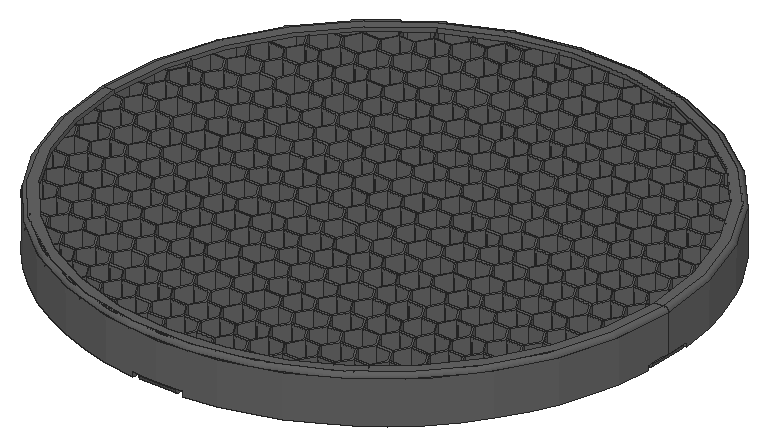
Revit family "STH20926", category Modelos genéricos, Revit 2023
Family settings
  Pode hospedar o vergalhão = Não
  Cota do conector redondo = Utilizar diâmetro
  Tipo de parte = Normal
  Com base no plano de trabalho = Não
  Sempre na vertical = Sim
  Corte com vazios quando carregada = Não
  Manter orientação da anotação = Não
  Compartilhado = Não
  Ponto de cálculo do ambiente = Não
Parameters (values of type "STH20926")
  URL = "https://stella.com.br/"
  Referência = "STH20926"
  Modelo = "Kit Grade"
  Fabricante = "Stella"
  Estrutura = Al - Preto
  Elevação padrão = 0.00 m
  Diâmetro = 0.092 m
  Comentários de tipos = "Para Square PAR30"
  Altura = 0.0075 m
Reference planes (m)
  plane 1 "Centro (Frente/Trás)": y = 0
  plane 2: z = 0
  plane 3 "Centro (Esquerda/Direita)": x = 0
  plane 4: x = 0.046
  plane 5: x = -0.046
  plane 6: y = 0.046
  plane 7: y = -0.046
  plane 8: z = 0.0075
Forms (m)
  Revolve 1, solid, material "Al - Preto" <- "Estrutura"
    sketch origin (0, 0, 0) x (1, 0, 0) y (0, 0, 1)
      loop
        arc (-0.04555, 0.00755) -> (-0.046045, 0.007345) -> (-0.04625, 0.00685) r 0.0007
        line (-0.04625, 0.00685) -> (-0.04625, 0) -> (-0.04405, 0) -> (-0.04405, 0.00755) -> (-0.04555, 0.00755)
      axis (0, 0.00755) -> (0, 0)
    angle from 0 to 360
  Revolve 2, void
    sketch origin (0, 0, 0) x (1, 0, 0) y (0, 0, 1)
      loop
        line (-0.04565, 0) -> (-0.04365, 0) -> (-0.04365, 0.00695) -> (-0.04565, 0.00695) -> (-0.04565, 0)
      axis (0, 0.00695) -> (0, 0)
    angle from 0 to 360
  Extrusion 3, void
    sketch origin (-0.120822, 0, 0) x (1, 0, 0) y (0, 1, 0)
      loop
        line (0.116822, 0.048177) -> (0.116822, -0.048177) -> (0.124822, -0.048177) -> (0.124822, 0.048177) -> (0.116822, 0.048177)
    from 0 to 0.0008
  Extrusion 4, void
    sketch origin (0, 0.120822, 0) x (0, -1, 0) y (1, 0, 0)
      loop
        line (0.116822, 0.048177) -> (0.116822, -0.048177) -> (0.124822, -0.048177) -> (0.124822, 0.048177) -> (0.116822, 0.048177)
    from 0 to 0.000802
  Revolve 5, solid, material "Al - Preto" <- "Estrutura"
    sketch origin (0, 0, 0) x (1, 0, 0) y (0, 0, 1)
      loop
        line (-0.042658, 0) -> (-0.042658, 0.000802) -> (-0.04545, 0.000802) -> (-0.04545, 0.001602) -> (-0.04625, 0.001602) -> (-0.04625, 0.0006)
        arc (-0.04625, 0.0006) -> (-0.046074, 0.000176) -> (-0.04565, 0) r 0.0006
        line (-0.04565, 0) -> (-0.042658, 0)
      axis (0, 0.001602) -> (0, 0)
    angle from -6.45 to 6.446
  Extrusion 6, void
    sketch origin (0, 0, 0) x (1, 0, 0) y (0, 1, 0)
      loop
        arc (-0.042813, 0.001954) -> (-0.042858, 0) -> (-0.042813, -0.001954) r 0.042658
        arc (-0.042813, -0.001954) -> (-0.043089, -0.002691) -> (-0.043812, -0.003) r 0.001
        line (-0.043812, -0.003) -> (-0.0468, -0.003) -> (-0.0468, -0.0468) -> (-0.003, -0.0468) -> (-0.003, -0.043812)
        arc (-0.003, -0.043812) -> (-0.002691, -0.043089) -> (-0.001954, -0.042813) r 0.001
        arc (-0.001954, -0.042813) -> (0, -0.042858) -> (0.001954, -0.042813) r 0.042658
        arc (0.001954, -0.042813) -> (0.002691, -0.043089) -> (0.003, -0.043812) r 0.001
        line (0.003, -0.043812) -> (0.003, -0.0468) -> (0.0468, -0.0468) -> (0.0468, -0.003) -> (0.043812, -0.003)
        arc (0.043812, -0.003) -> (0.043089, -0.002691) -> (0.042813, -0.001954) r 0.001
        arc (0.042813, -0.001954) -> (0.042858, 0) -> (0.042813, 0.001954) r 0.042658
        arc (0.042813, 0.001954) -> (0.043089, 0.002691) -> (0.043812, 0.003) r 0.001
        line (0.043812, 0.003) -> (0.0468, 0.003) -> (0.0468, 0.0468) -> (0.003, 0.0468) -> (0.003, 0.043812)
        arc (0.003, 0.043812) -> (0.002691, 0.043089) -> (0.001954, 0.042813) r 0.001
        arc (0.001954, 0.042813) -> (0, 0.042858) -> (-0.001954, 0.042813) r 0.042658
        arc (-0.001954, 0.042813) -> (-0.002691, 0.043089) -> (-0.003, 0.043812) r 0.001
        line (-0.003, 0.043812) -> (-0.003, 0.0468) -> (-0.0468, 0.0468) -> (-0.0468, 0.003) -> (-0.043812, 0.003)
        arc (-0.043812, 0.003) -> (-0.043089, 0.002691) -> (-0.042813, 0.001954) r 0.001
    from -0.000357 to 0.003196
  Revolve 7, void
    sketch origin (0, 0, 0) x (1, 0, 0) y (0, 0, 1)
      loop
        line (-0.046551, 0.000802) -> (-0.041781, 0.000802) -> (-0.041781, 0.002495) -> (-0.046551, 0.002495) -> (-0.046551, 0.000802)
      axis (0, 0.002495) -> (0, 0.000802)
    angle from 0 to 360
  Revolve 8, solid, material "Al - Preto" <- "Estrutura"
    sketch origin (0, 0, 0) x (-1, 0, 0) y (0, 0, -1)
      loop
        line (-0.042658, 0) -> (-0.04565, 0)
        arc (-0.04565, 0) -> (-0.046074, -0.000176) -> (-0.04625, -0.0006) r 0.0006
        line (-0.04625, -0.0006) -> (-0.04625, -0.001602) -> (-0.04545, -0.001602) -> (-0.04545, -0.000802) -> (-0.042658, -0.000802) -> (-0.042658, 0)
      axis (0, -0.001602) -> (0, 0)
    angle from -6.45 to 6.446
  Revolve 9, solid, material "Al - Preto" <- "Estrutura"
    sketch origin (0, 0, 0) x (0, -1, 0) y (0, 0, 1)
      loop
        line (-0.042658, 0) -> (-0.042658, 0.000802) -> (-0.04545, 0.000802) -> (-0.04545, 0.001602) -> (-0.04625, 0.001602) -> (-0.04625, 0.0006)
        arc (-0.04625, 0.0006) -> (-0.046074, 0.000176) -> (-0.04565, 0) r 0.0006
        line (-0.04565, 0) -> (-0.042658, 0)
      axis (0, 0.001602) -> (0, 0)
    angle from -6.45 to 6.446
  Revolve 10, solid, material "Al - Preto" <- "Estrutura"
    sketch origin (0, 0, 0) x (0, 1, 0) y (0, 0, -1)
      loop
        line (-0.042658, 0) -> (-0.04565, 0)
        arc (-0.04565, 0) -> (-0.046074, -0.000176) -> (-0.04625, -0.0006) r 0.0006
        line (-0.04625, -0.0006) -> (-0.04625, -0.001602) -> (-0.04545, -0.001602) -> (-0.04545, -0.000802) -> (-0.042658, -0.000802) -> (-0.042658, 0)
      axis (0, -0.001602) -> (0, 0)
    angle from -6.45 to 6.446
  Extrusion 11, solid, material "Al - Preto" <- "Estrutura"
    sketch origin (0, 0, 0) x (1, 0, 0) y (0, 1, 0)
      loop
        line (-0.046, 0.046) -> (-0.046, -0.046) -> (0.046, -0.046) -> (0.046, 0.046) -> (-0.046, 0.046)
    from 0.0006 to 0.00695
  Extrusion 12, void
    sketch origin (0, 0, 0) x (1, 0, 0) y (0, 1, 0)
      loop
        circle (0, 0) r 0.0455
      loop
        line (-0.046, 0.046) -> (-0.046, -0.046) -> (0.046, -0.046) -> (0.046, 0.046) -> (-0.046, 0.046)
    from 0 to 0.0075
  Extrusion 13, void
    sketch origin (0, 0, 0) x (1, 0, 0) y (0, 1, 0)
      loop
        line (-0.001247, 0.00215) -> (-0.002488, 0) -> (-0.001247, -0.00215) -> (0.001236, -0.00215) -> (0.002477, 0) -> (0.001236, 0.00215) -> (-0.001247, 0.00215)
      loop
        line (-0.001391, 0.0023) -> (-0.002633, 0.00445) -> (-0.005352, 0.00445) -> (-0.006593, 0.0023) -> (-0.005352, 0.00015) -> (-0.002633, 0.00015) -> (-0.001391, 0.0023)
      loop
        line (-0.001247, 0.00675) -> (-0.002488, 0.0046) -> (-0.001247, 0.00245) -> (0.001236, 0.00245) -> (0.002477, 0.0046) -> (0.001236, 0.00675) -> (-0.001247, 0.00675)
      loop
        line (-0.00922, 0.00215) -> (-0.010462, 0) -> (-0.00922, -0.00215) -> (-0.006738, -0.00215) -> (-0.005496, 0) -> (-0.006738, 0.00215) -> (-0.00922, 0.00215)
      loop
        line (-0.009365, 0.0023) -> (-0.010606, 0.00445) -> (-0.013331, 0.00445) -> (-0.014572, 0.0023) -> (-0.013331, 0.00015) -> (-0.010606, 0.00015) -> (-0.009365, 0.0023)
      loop
        line (-0.00922, 0.00675) -> (-0.010462, 0.0046) -> (-0.00922, 0.00245) -> (-0.006738, 0.00245) -> (-0.005496, 0.0046) -> (-0.006738, 0.00675) -> (-0.00922, 0.00675)
      loop
        line (-0.009365, -0.0023) -> (-0.010606, -0.00015) -> (-0.013331, -0.00015) -> (-0.014572, -0.0023) -> (-0.013331, -0.00445) -> (-0.010606, -0.00445) -> (-0.009365, -0.0023)
      loop
        line (-0.009365, -0.0069) -> (-0.010606, -0.00475) -> (-0.013331, -0.00475) -> (-0.014572, -0.0069) -> (-0.013331, -0.00905) -> (-0.010606, -0.00905) -> (-0.009365, -0.0069)
      loop
        line (-0.009365, 0.0069) -> (-0.010606, 0.00905) -> (-0.013331, 0.00905) -> (-0.014572, 0.0069) -> (-0.013331, 0.00475) -> (-0.010606, 0.00475) -> (-0.009365, 0.0069)
      loop
        line (-0.00922, -0.00245) -> (-0.010462, -0.0046) -> (-0.00922, -0.00675) -> (-0.006738, -0.00675) -> (-0.005496, -0.0046) -> (-0.006738, -0.00245) -> (-0.00922, -0.00245)
      loop
        line (-0.00922, -0.00705) -> (-0.010462, -0.0092) -> (-0.00922, -0.01135) -> (-0.006738, -0.01135) -> (-0.005496, -0.0092) -> (-0.006738, -0.00705) -> (-0.00922, -0.00705)
      loop
        line (-0.006593, -0.0023) -> (-0.005352, -0.00445) -> (-0.002627, -0.00445) -> (-0.001386, -0.0023) -> (-0.002627, -0.00015) -> (-0.005352, -0.00015) -> (-0.006593, -0.0023)
      loop
        line (-0.006593, -0.0069) -> (-0.005352, -0.00905) -> (-0.002627, -0.00905) -> (-0.001386, -0.0069) -> (-0.002627, -0.00475) -> (-0.005352, -0.00475) -> (-0.006593, -0.0069)
      loop
        line (-0.006593, 0.0069) -> (-0.005352, 0.00475) -> (-0.002627, 0.00475) -> (-0.001386, 0.0069) -> (-0.002627, 0.00905) -> (-0.005352, 0.00905) -> (-0.006593, 0.0069)
      loop
        line (-0.006593, 0.0115) -> (-0.005352, 0.00935) -> (-0.002627, 0.00935) -> (-0.001386, 0.0115) -> (-0.002627, 0.01365) -> (-0.005352, 0.01365) -> (-0.006593, 0.0115)
      loop
        line (-0.00922, 0.00705) -> (-0.006738, 0.00705) -> (-0.005496, 0.0092) -> (-0.006738, 0.01135) -> (-0.00922, 0.01135) -> (-0.010462, 0.0092) -> (-0.00922, 0.00705)
      loop
        line (0.00138, 0.0023) -> (0.002621, 0.00015) -> (0.00534, 0.00015) -> (0.006582, 0.0023) -> (0.00534, 0.00445) -> (0.002621, 0.00445) -> (0.00138, 0.0023)
      loop
        line (0.009209, 0.00215) -> (0.006726, 0.00215) -> (0.005485, 0) -> (0.006726, -0.00215) -> (0.009209, -0.00215) -> (0.01045, 0) -> (0.009209, 0.00215)
      loop
        line (0.009353, 0.0023) -> (0.010594, 0.00015) -> (0.013319, 0.00015) -> (0.014561, 0.0023) -> (0.013319, 0.00445) -> (0.010594, 0.00445) -> (0.009353, 0.0023)
      loop
        line (0.009209, 0.00675) -> (0.006726, 0.00675) -> (0.005485, 0.0046) -> (0.006726, 0.00245) -> (0.009209, 0.00245) -> (0.01045, 0.0046) -> (0.009209, 0.00675)
      loop
        line (0.009353, -0.0023) -> (0.010594, -0.00445) -> (0.013319, -0.00445) -> (0.014561, -0.0023) -> (0.013319, -0.00015) -> (0.010594, -0.00015) -> (0.009353, -0.0023)
      loop
        line (0.009353, -0.0069) -> (0.010594, -0.00905) -> (0.013319, -0.00905) -> (0.014561, -0.0069) -> (0.013319, -0.00475) -> (0.010594, -0.00475) -> (0.009353, -0.0069)
      loop
        line (0.009353, 0.0069) -> (0.010594, 0.00475) -> (0.013319, 0.00475) -> (0.014561, 0.0069) -> (0.013319, 0.00905) -> (0.010594, 0.00905) -> (0.009353, 0.0069)
      loop
        line (0.009209, -0.00245) -> (0.006726, -0.00245) -> (0.005485, -0.0046) -> (0.006726, -0.00675) -> (0.009209, -0.00675) -> (0.01045, -0.0046) -> (0.009209, -0.00245)
      loop
        line (0.009209, -0.00705) -> (0.006726, -0.00705) -> (0.005485, -0.0092) -> (0.006726, -0.01135) -> (0.009209, -0.01135) -> (0.01045, -0.0092) -> (0.009209, -0.00705)
      loop
        line (0.006582, -0.0023) -> (0.00534, -0.00015) -> (0.002615, -0.00015) -> (0.001374, -0.0023) -> (0.002615, -0.00445) -> (0.00534, -0.00445) -> (0.006582, -0.0023)
      loop
        line (0.006582, -0.0069) -> (0.00534, -0.00475) -> (0.002615, -0.00475) -> (0.001374, -0.0069) -> (0.002615, -0.00905) -> (0.00534, -0.00905) -> (0.006582, -0.0069)
      loop
        line (0.006582, 0.0069) -> (0.00534, 0.00905) -> (0.002615, 0.00905) -> (0.001374, 0.0069) -> (0.002615, 0.00475) -> (0.00534, 0.00475) -> (0.006582, 0.0069)
      loop
        line (0.006582, 0.0115) -> (0.00534, 0.01365) -> (0.002615, 0.01365) -> (0.001374, 0.0115) -> (0.002615, 0.00935) -> (0.00534, 0.00935) -> (0.006582, 0.0115)
      loop
        line (0.009209, 0.00705) -> (0.01045, 0.0092) -> (0.009209, 0.01135) -> (0.006726, 0.01135) -> (0.005485, 0.0092) -> (0.006726, 0.00705) -> (0.009209, 0.00705)
      loop
        line (0.001241, -0.00245) -> (-0.001241, -0.00245) -> (-0.002483, -0.0046) -> (-0.001241, -0.00675) -> (0.001241, -0.00675) -> (0.002483, -0.0046) -> (0.001241, -0.00245)
      loop
        line (0.001241, -0.00705) -> (-0.001241, -0.00705) -> (-0.002483, -0.0092) -> (-0.001241, -0.01135) -> (0.001241, -0.01135) -> (0.002483, -0.0092) -> (0.001241, -0.00705)
      loop
        line (0.001241, 0.00705) -> (0.002483, 0.0092) -> (0.001241, 0.01135) -> (-0.001241, 0.01135) -> (-0.002483, 0.0092) -> (-0.001241, 0.00705) -> (0.001241, 0.00705)
      loop
        line (0.014705, 0.00705) -> (0.017188, 0.00705) -> (0.018429, 0.0092) -> (0.017188, 0.01135) -> (0.014705, 0.01135) -> (0.013464, 0.0092) -> (0.014705, 0.00705)
      loop
        line (0.014705, 0.00675) -> (0.013464, 0.0046) -> (0.014705, 0.00245) -> (0.017188, 0.00245) -> (0.018429, 0.0046) -> (0.017188, 0.00675) -> (0.014705, 0.00675)
      loop
        line (0.009353, 0.0115) -> (0.010594, 0.00935) -> (0.013319, 0.00935) -> (0.014561, 0.0115) -> (0.013319, 0.01365) -> (0.010594, 0.01365) -> (0.009353, 0.0115)
      loop
        line (-0.014717, 0.00705) -> (-0.013475, 0.0092) -> (-0.014717, 0.01135) -> (-0.017199, 0.01135) -> (-0.018441, 0.0092) -> (-0.017199, 0.00705) -> (-0.014717, 0.00705)
      loop
        line (-0.014717, 0.00675) -> (-0.017199, 0.00675) -> (-0.018441, 0.0046) -> (-0.017199, 0.00245) -> (-0.014717, 0.00245) -> (-0.013475, 0.0046) -> (-0.014717, 0.00675)
      loop
        line (-0.009365, 0.0115) -> (-0.010606, 0.01365) -> (-0.013331, 0.01365) -> (-0.014572, 0.0115) -> (-0.013331, 0.00935) -> (-0.010606, 0.00935) -> (-0.009365, 0.0115)
      loop
        line (0.014705, -0.00675) -> (0.017188, -0.00675) -> (0.018429, -0.0046) -> (0.017188, -0.00245) -> (0.014705, -0.00245) -> (0.013464, -0.0046) -> (0.014705, -0.00675)
      loop
        line (-0.014717, -0.00675) -> (-0.013475, -0.0046) -> (-0.014717, -0.00245) -> (-0.017199, -0.00245) -> (-0.018441, -0.0046) -> (-0.017199, -0.00675) -> (-0.014717, -0.00675)
      loop
        line (-0.014717, -0.00705) -> (-0.017199, -0.00705) -> (-0.018441, -0.0092) -> (-0.017199, -0.01135) -> (-0.014717, -0.01135) -> (-0.013475, -0.0092) -> (-0.014717, -0.00705)
      loop
        line (0.009353, -0.0115) -> (0.010594, -0.01365) -> (0.013319, -0.01365) -> (0.014561, -0.0115) -> (0.013319, -0.00935) -> (0.010594, -0.00935) -> (0.009353, -0.0115)
      loop
        line (-0.009365, -0.0115) -> (-0.010606, -0.00935) -> (-0.013331, -0.00935) -> (-0.014572, -0.0115) -> (-0.013331, -0.01365) -> (-0.010606, -0.01365) -> (-0.009365, -0.0115)
      loop
        line (0.009209, -0.01595) -> (0.01045, -0.0138) -> (0.009209, -0.01165) -> (0.006726, -0.01165) -> (0.005485, -0.0138) -> (0.006726, -0.01595) -> (0.009209, -0.01595)
      loop
        line (0.009209, -0.02055) -> (0.01045, -0.0184) -> (0.009209, -0.01625) -> (0.006726, -0.01625) -> (0.005485, -0.0184) -> (0.006726, -0.02055) -> (0.009209, -0.02055)
      loop
        line (0.009209, -0.02515) -> (0.01045, -0.023) -> (0.009209, -0.02085) -> (0.006726, -0.02085) -> (0.005485, -0.023) -> (0.006726, -0.02515) -> (0.009209, -0.02515)
      loop
        line (0.006582, -0.0115) -> (0.00534, -0.00935) -> (0.002615, -0.00935) -> (0.001374, -0.0115) -> (0.002615, -0.01365) -> (0.00534, -0.01365) -> (0.006582, -0.0115)
      loop
        line (0.006582, -0.0161) -> (0.00534, -0.01395) -> (0.002615, -0.01395) -> (0.001374, -0.0161) -> (0.002615, -0.01825) -> (0.00534, -0.01825) -> (0.006582, -0.0161)
      loop
        line (0.001241, -0.01165) -> (-0.001241, -0.01165) -> (-0.002483, -0.0138) -> (-0.001241, -0.01595) -> (0.001241, -0.01595) -> (0.002483, -0.0138) -> (0.001241, -0.01165)
      loop
        line (0.001241, -0.01625) -> (-0.001241, -0.01625) -> (-0.002483, -0.0184) -> (-0.001241, -0.02055) -> (0.001241, -0.02055) -> (0.002483, -0.0184) -> (0.001241, -0.01625)
      loop
        line (0.001241, -0.02085) -> (-0.001241, -0.02085) -> (-0.002483, -0.023) -> (-0.001241, -0.02515) -> (0.001241, -0.02515) -> (0.002483, -0.023) -> (0.001241, -0.02085)
      loop
        line (0.001241, -0.02545) -> (-0.001241, -0.02545) -> (-0.002483, -0.0276) -> (-0.001241, -0.02975) -> (0.001241, -0.02975) -> (0.002483, -0.0276) -> (0.001241, -0.02545)
      loop
        line (0.006582, -0.0207) -> (0.00534, -0.01855) -> (0.002615, -0.01855) -> (0.001374, -0.0207) -> (0.002615, -0.02285) -> (0.00534, -0.02285) -> (0.006582, -0.0207)
      loop
        line (0.006582, -0.0253) -> (0.00534, -0.02315) -> (0.002615, -0.02315) -> (0.001374, -0.0253) -> (0.002615, -0.02745) -> (0.00534, -0.02745) -> (0.006582, -0.0253)
      loop
        line (0.006582, -0.0299) -> (0.00534, -0.02775) -> (0.002615, -0.02775) -> (0.001374, -0.0299) -> (0.002615, -0.03205) -> (0.00534, -0.03205) -> (0.006582, -0.0299)
      loop
        line (0.006582, -0.0345) -> (0.00534, -0.03235) -> (0.002615, -0.03235) -> (0.001374, -0.0345) -> (0.002615, -0.03665) -> (0.00534, -0.03665) -> (0.006582, -0.0345)
      loop
        line (0.006582, -0.0391) -> (0.00534, -0.03695) -> (0.002615, -0.03695) -> (0.001374, -0.0391) -> (0.002615, -0.04125) -> (0.00534, -0.04125) -> (0.006582, -0.0391)
      loop
        line (0.006582, -0.0437) -> (0.00534, -0.04155) -> (0.002615, -0.04155) -> (0.001374, -0.0437) -> (0.002615, -0.04585) -> (0.00534, -0.04585) -> (0.006582, -0.0437)
      loop
        line (0.006582, -0.0483) -> (0.00534, -0.04615) -> (0.002615, -0.04615) -> (0.001374, -0.0483) -> (0.002615, -0.05045) -> (0.00534, -0.05045) -> (0.006582, -0.0483)
      loop
        line (0.001241, -0.03005) -> (-0.001241, -0.03005) -> (-0.002483, -0.0322) -> (-0.001241, -0.03435) -> (0.001241, -0.03435) -> (0.002483, -0.0322) -> (0.001241, -0.03005)
      loop
        line (0.001241, -0.03465) -> (-0.001241, -0.03465) -> (-0.002483, -0.0368) -> (-0.001241, -0.03895) -> (0.001241, -0.03895) -> (0.002483, -0.0368) -> (0.001241, -0.03465)
      loop
        line (0.001241, -0.03925) -> (-0.001241, -0.03925) -> (-0.002483, -0.0414) -> (-0.001241, -0.04355) -> (0.001241, -0.04355) -> (0.002483, -0.0414) -> (0.001241, -0.03925)
      loop
        line (0.001241, -0.04385) -> (-0.001241, -0.04385) -> (-0.002483, -0.046) -> (-0.001241, -0.04815) -> (0.001241, -0.04815) -> (0.002483, -0.046) -> (0.001241, -0.04385)
      loop
        line (0.009209, -0.02975) -> (0.01045, -0.0276) -> (0.009209, -0.02545) -> (0.006726, -0.02545) -> (0.005485, -0.0276) -> (0.006726, -0.02975) -> (0.009209, -0.02975)
      loop
        line (0.009209, -0.03435) -> (0.01045, -0.0322) -> (0.009209, -0.03005) -> (0.006726, -0.03005) -> (0.005485, -0.0322) -> (0.006726, -0.03435) -> (0.009209, -0.03435)
      loop
        line (0.009209, -0.03895) -> (0.01045, -0.0368) -> (0.009209, -0.03465) -> (0.006726, -0.03465) -> (0.005485, -0.0368) -> (0.006726, -0.03895) -> (0.009209, -0.03895)
      loop
        line (0.009209, -0.04355) -> (0.01045, -0.0414) -> (0.009209, -0.03925) -> (0.006726, -0.03925) -> (0.005485, -0.0414) -> (0.006726, -0.04355) -> (0.009209, -0.04355)
      loop
        line (0.009209, -0.04815) -> (0.01045, -0.046) -> (0.009209, -0.04385) -> (0.006726, -0.04385) -> (0.005485, -0.046) -> (0.006726, -0.04815) -> (0.009209, -0.04815)
      loop
        line (-0.006593, -0.0115) -> (-0.005352, -0.01365) -> (-0.002627, -0.01365) -> (-0.001386, -0.0115) -> (-0.002627, -0.00935) -> (-0.005352, -0.00935) -> (-0.006593, -0.0115)
      loop
        line (-0.006593, -0.0161) -> (-0.005352, -0.01825) -> (-0.002627, -0.01825) -> (-0.001386, -0.0161) -> (-0.002627, -0.01395) -> (-0.005352, -0.01395) -> (-0.006593, -0.0161)
      loop
        line (-0.006593, -0.0207) -> (-0.005352, -0.02285) -> (-0.002627, -0.02285) -> (-0.001386, -0.0207) -> (-0.002627, -0.01855) -> (-0.005352, -0.01855) -> (-0.006593, -0.0207)
      loop
        line (-0.006593, -0.0253) -> (-0.005352, -0.02745) -> (-0.002627, -0.02745) -> (-0.001386, -0.0253) -> (-0.002627, -0.02315) -> (-0.005352, -0.02315) -> (-0.006593, -0.0253)
      loop
        line (-0.006593, -0.0299) -> (-0.005352, -0.03205) -> (-0.002627, -0.03205) -> (-0.001386, -0.0299) -> (-0.002627, -0.02775) -> (-0.005352, -0.02775) -> (-0.006593, -0.0299)
      loop
        line (-0.006593, -0.0345) -> (-0.005352, -0.03665) -> (-0.002627, -0.03665) -> (-0.001386, -0.0345) -> (-0.002627, -0.03235) -> (-0.005352, -0.03235) -> (-0.006593, -0.0345)
      loop
        line (-0.006593, -0.0391) -> (-0.005352, -0.04125) -> (-0.002627, -0.04125) -> (-0.001386, -0.0391) -> (-0.002627, -0.03695) -> (-0.005352, -0.03695) -> (-0.006593, -0.0391)
      loop
        line (-0.006593, -0.0437) -> (-0.005352, -0.04585) -> (-0.002627, -0.04585) -> (-0.001386, -0.0437) -> (-0.002627, -0.04155) -> (-0.005352, -0.04155) -> (-0.006593, -0.0437)
      loop
        line (-0.006593, -0.0483) -> (-0.005352, -0.05045) -> (-0.002627, -0.05045) -> (-0.001386, -0.0483) -> (-0.002627, -0.04615) -> (-0.005352, -0.04615) -> (-0.006593, -0.0483)
      loop
        line (-0.00922, -0.01165) -> (-0.010462, -0.0138) -> (-0.00922, -0.01595) -> (-0.006738, -0.01595) -> (-0.005496, -0.0138) -> (-0.006738, -0.01165) -> (-0.00922, -0.01165)
      loop
        line (-0.00922, -0.01625) -> (-0.010462, -0.0184) -> (-0.00922, -0.02055) -> (-0.006738, -0.02055) -> (-0.005496, -0.0184) -> (-0.006738, -0.01625) -> (-0.00922, -0.01625)
      loop
        line (-0.00922, -0.02085) -> (-0.010462, -0.023) -> (-0.00922, -0.02515) -> (-0.006738, -0.02515) -> (-0.005496, -0.023) -> (-0.006738, -0.02085) -> (-0.00922, -0.02085)
      loop
        line (-0.00922, -0.02545) -> (-0.010462, -0.0276) -> (-0.00922, -0.02975) -> (-0.006738, -0.02975) -> (-0.005496, -0.0276) -> (-0.006738, -0.02545) -> (-0.00922, -0.02545)
      loop
        line (-0.00922, -0.03005) -> (-0.010462, -0.0322) -> (-0.00922, -0.03435) -> (-0.006738, -0.03435) -> (-0.005496, -0.0322) -> (-0.006738, -0.03005) -> (-0.00922, -0.03005)
      loop
        line (-0.00922, -0.03465) -> (-0.010462, -0.0368) -> (-0.00922, -0.03895) -> (-0.006738, -0.03895) -> (-0.005496, -0.0368) -> (-0.006738, -0.03465) -> (-0.00922, -0.03465)
      loop
        line (-0.00922, -0.03925) -> (-0.010462, -0.0414) -> (-0.00922, -0.04355) -> (-0.006738, -0.04355) -> (-0.005496, -0.0414) -> (-0.006738, -0.03925) -> (-0.00922, -0.03925)
      loop
        line (-0.00922, -0.04385) -> (-0.010462, -0.046) -> (-0.00922, -0.04815) -> (-0.006738, -0.04815) -> (-0.005496, -0.046) -> (-0.006738, -0.04385) -> (-0.00922, -0.04385)
      loop
        line (0.009353, -0.0161) -> (0.010594, -0.01825) -> (0.013319, -0.01825) -> (0.014561, -0.0161) -> (0.013319, -0.01395) -> (0.010594, -0.01395) -> (0.009353, -0.0161)
      loop
        line (0.009353, -0.0207) -> (0.010594, -0.02285) -> (0.013319, -0.02285) -> (0.014561, -0.0207) -> (0.013319, -0.01855) -> (0.010594, -0.01855) -> (0.009353, -0.0207)
      loop
        line (0.009353, -0.0253) -> (0.010594, -0.02745) -> (0.013319, -0.02745) -> (0.014561, -0.0253) -> (0.013319, -0.02315) -> (0.010594, -0.02315) -> (0.009353, -0.0253)
      loop
        line (0.009353, -0.0299) -> (0.010594, -0.03205) -> (0.013319, -0.03205) -> (0.014561, -0.0299) -> (0.013319, -0.02775) -> (0.010594, -0.02775) -> (0.009353, -0.0299)
      loop
        line (0.009353, -0.0345) -> (0.010594, -0.03665) -> (0.013319, -0.03665) -> (0.014561, -0.0345) -> (0.013319, -0.03235) -> (0.010594, -0.03235) -> (0.009353, -0.0345)
      loop
        line (0.009353, -0.0391) -> (0.010594, -0.04125) -> (0.013319, -0.04125) -> (0.014561, -0.0391) -> (0.013319, -0.03695) -> (0.010594, -0.03695) -> (0.009353, -0.0391)
      loop
        line (0.009353, -0.0437) -> (0.010594, -0.04585) -> (0.013319, -0.04585) -> (0.014561, -0.0437) -> (0.013319, -0.04155) -> (0.010594, -0.04155) -> (0.009353, -0.0437)
      loop
        line (0.014705, 0.00215) -> (0.013464, 0) -> (0.014705, -0.00215) -> (0.017188, -0.00215) -> (0.018429, 0) -> (0.017188, 0.00215) -> (0.014705, 0.00215)
      loop
        line (0.014705, -0.01135) -> (0.017188, -0.01135) -> (0.018429, -0.0092) -> (0.017188, -0.00705) -> (0.014705, -0.00705) -> (0.013464, -0.0092) -> (0.014705, -0.01135)
      loop
        line (0.014705, -0.01595) -> (0.017188, -0.01595) -> (0.018429, -0.0138) -> (0.017188, -0.01165) -> (0.014705, -0.01165) -> (0.013464, -0.0138) -> (0.014705, -0.01595)
      loop
        line (0.014705, -0.02055) -> (0.017188, -0.02055) -> (0.018429, -0.0184) -> (0.017188, -0.01625) -> (0.014705, -0.01625) -> (0.013464, -0.0184) -> (0.014705, -0.02055)
      loop
        line (0.014705, -0.02515) -> (0.017188, -0.02515) -> (0.018429, -0.023) -> (0.017188, -0.02085) -> (0.014705, -0.02085) -> (0.013464, -0.023) -> (0.014705, -0.02515)
      loop
        line (0.014705, -0.02975) -> (0.017188, -0.02975) -> (0.018429, -0.0276) -> (0.017188, -0.02545) -> (0.014705, -0.02545) -> (0.013464, -0.0276) -> (0.014705, -0.02975)
      loop
        line (0.014705, -0.03435) -> (0.017188, -0.03435) -> (0.018429, -0.0322) -> (0.017188, -0.03005) -> (0.014705, -0.03005) -> (0.013464, -0.0322) -> (0.014705, -0.03435)
      loop
        line (0.014705, -0.03895) -> (0.017188, -0.03895) -> (0.018429, -0.0368) -> (0.017188, -0.03465) -> (0.014705, -0.03465) -> (0.013464, -0.0368) -> (0.014705, -0.03895)
      loop
        line (0.014705, -0.04355) -> (0.017188, -0.04355) -> (0.018429, -0.0414) -> (0.017188, -0.03925) -> (0.014705, -0.03925) -> (0.013464, -0.0414) -> (0.014705, -0.04355)
      loop
        line (0.02254, -0.0023) -> (0.021298, -0.00015) -> (0.018573, -0.00015) -> (0.017332, -0.0023) -> (0.018573, -0.00445) -> (0.021298, -0.00445) -> (0.02254, -0.0023)
      loop
        line (0.02254, -0.0069) -> (0.021298, -0.00475) -> (0.018573, -0.00475) -> (0.017332, -0.0069) -> (0.018573, -0.00905) -> (0.021298, -0.00905) -> (0.02254, -0.0069)
      loop
        line (0.02254, -0.0115) -> (0.021298, -0.00935) -> (0.018573, -0.00935) -> (0.017332, -0.0115) -> (0.018573, -0.01365) -> (0.021298, -0.01365) -> (0.02254, -0.0115)
      loop
        line (0.02254, -0.0161) -> (0.021298, -0.01395) -> (0.018573, -0.01395) -> (0.017332, -0.0161) -> (0.018573, -0.01825) -> (0.021298, -0.01825) -> (0.02254, -0.0161)
      loop
        line (0.02254, -0.0207) -> (0.021298, -0.01855) -> (0.018573, -0.01855) -> (0.017332, -0.0207) -> (0.018573, -0.02285) -> (0.021298, -0.02285) -> (0.02254, -0.0207)
      loop
        line (0.02254, -0.0253) -> (0.021298, -0.02315) -> (0.018573, -0.02315) -> (0.017332, -0.0253) -> (0.018573, -0.02745) -> (0.021298, -0.02745) -> (0.02254, -0.0253)
      loop
        line (0.02254, -0.0299) -> (0.021298, -0.02775) -> (0.018573, -0.02775) -> (0.017332, -0.0299) -> (0.018573, -0.03205) -> (0.021298, -0.03205) -> (0.02254, -0.0299)
      loop
        line (0.02254, -0.0345) -> (0.021298, -0.03235) -> (0.018573, -0.03235) -> (0.017332, -0.0345) -> (0.018573, -0.03665) -> (0.021298, -0.03665) -> (0.02254, -0.0345)
      loop
        line (0.02254, -0.0391) -> (0.021298, -0.03695) -> (0.018573, -0.03695) -> (0.017332, -0.0391) -> (0.018573, -0.04125) -> (0.021298, -0.04125) -> (0.02254, -0.0391)
      loop
        line (0.02254, -0.0437) -> (0.021298, -0.04155) -> (0.018573, -0.04155) -> (0.017332, -0.0437) -> (0.018573, -0.04585) -> (0.021298, -0.04585) -> (0.02254, -0.0437)
      loop
        line (0.025167, -0.00675) -> (0.026408, -0.0046) -> (0.025167, -0.00245) -> (0.022684, -0.00245) -> (0.021443, -0.0046) -> (0.022684, -0.00675) -> (0.025167, -0.00675)
      loop
        line (0.025167, 0.00215) -> (0.022684, 0.00215) -> (0.021443, 0) -> (0.022684, -0.00215) -> (0.025167, -0.00215) -> (0.026408, 0) -> (0.025167, 0.00215)
      loop
        line (0.025167, -0.01135) -> (0.026408, -0.0092) -> (0.025167, -0.00705) -> (0.022684, -0.00705) -> (0.021443, -0.0092) -> (0.022684, -0.01135) -> (0.025167, -0.01135)
      loop
        line (0.025167, -0.01595) -> (0.026408, -0.0138) -> (0.025167, -0.01165) -> (0.022684, -0.01165) -> (0.021443, -0.0138) -> (0.022684, -0.01595) -> (0.025167, -0.01595)
      loop
        line (0.025167, -0.02055) -> (0.026408, -0.0184) -> (0.025167, -0.01625) -> (0.022684, -0.01625) -> (0.021443, -0.0184) -> (0.022684, -0.02055) -> (0.025167, -0.02055)
      loop
        line (0.025167, -0.02515) -> (0.026408, -0.023) -> (0.025167, -0.02085) -> (0.022684, -0.02085) -> (0.021443, -0.023) -> (0.022684, -0.02515) -> (0.025167, -0.02515)
      loop
        line (0.025167, -0.02975) -> (0.026408, -0.0276) -> (0.025167, -0.02545) -> (0.022684, -0.02545) -> (0.021443, -0.0276) -> (0.022684, -0.02975) -> (0.025167, -0.02975)
      loop
        line (0.025167, -0.03435) -> (0.026408, -0.0322) -> (0.025167, -0.03005) -> (0.022684, -0.03005) -> (0.021443, -0.0322) -> (0.022684, -0.03435) -> (0.025167, -0.03435)
      loop
        line (0.025167, -0.03895) -> (0.026408, -0.0368) -> (0.025167, -0.03465) -> (0.022684, -0.03465) -> (0.021443, -0.0368) -> (0.022684, -0.03895) -> (0.025167, -0.03895)
      loop
        line (0.025167, -0.04355) -> (0.026408, -0.0414) -> (0.025167, -0.03925) -> (0.022684, -0.03925) -> (0.021443, -0.0414) -> (0.022684, -0.04355) -> (0.025167, -0.04355)
      loop
        line (0.025167, 0.00675) -> (0.022684, 0.00675) -> (0.021443, 0.0046) -> (0.022684, 0.00245) -> (0.025167, 0.00245) -> (0.026408, 0.0046) -> (0.025167, 0.00675)
      loop
        line (0.025167, 0.01135) -> (0.022684, 0.01135) -> (0.021443, 0.0092) -> (0.022684, 0.00705) -> (0.025167, 0.00705) -> (0.026408, 0.0092) -> (0.025167, 0.01135)
      loop
        line (0.025167, 0.01595) -> (0.022684, 0.01595) -> (0.021443, 0.0138) -> (0.022684, 0.01165) -> (0.025167, 0.01165) -> (0.026408, 0.0138) -> (0.025167, 0.01595)
      loop
        line (0.025167, 0.02055) -> (0.022684, 0.02055) -> (0.021443, 0.0184) -> (0.022684, 0.01625) -> (0.025167, 0.01625) -> (0.026408, 0.0184) -> (0.025167, 0.02055)
      loop
        line (0.025167, 0.02515) -> (0.022684, 0.02515) -> (0.021443, 0.023) -> (0.022684, 0.02085) -> (0.025167, 0.02085) -> (0.026408, 0.023) -> (0.025167, 0.02515)
      loop
        line (0.025167, 0.02975) -> (0.022684, 0.02975) -> (0.021443, 0.0276) -> (0.022684, 0.02545) -> (0.025167, 0.02545) -> (0.026408, 0.0276) -> (0.025167, 0.02975)
      loop
        line (0.025167, 0.03435) -> (0.022684, 0.03435) -> (0.021443, 0.0322) -> (0.022684, 0.03005) -> (0.025167, 0.03005) -> (0.026408, 0.0322) -> (0.025167, 0.03435)
      loop
        line (0.025167, 0.03895) -> (0.022684, 0.03895) -> (0.021443, 0.0368) -> (0.022684, 0.03465) -> (0.025167, 0.03465) -> (0.026408, 0.0368) -> (0.025167, 0.03895)
      loop
        line (0.025167, 0.04355) -> (0.022684, 0.04355) -> (0.021443, 0.0414) -> (0.022684, 0.03925) -> (0.025167, 0.03925) -> (0.026408, 0.0414) -> (0.025167, 0.04355)
      loop
        line (0.025311, -0.0023) -> (0.026552, -0.00445) -> (0.029277, -0.00445) -> (0.030519, -0.0023) -> (0.029277, -0.00015) -> (0.026552, -0.00015) -> (0.025311, -0.0023)
      loop
        line (0.025311, -0.0069) -> (0.026552, -0.00905) -> (0.029277, -0.00905) -> (0.030519, -0.0069) -> (0.029277, -0.00475) -> (0.026552, -0.00475) -> (0.025311, -0.0069)
      loop
        line (0.025311, -0.0115) -> (0.026552, -0.01365) -> (0.029277, -0.01365) -> (0.030519, -0.0115) -> (0.029277, -0.00935) -> (0.026552, -0.00935) -> (0.025311, -0.0115)
      loop
        line (0.025311, -0.0161) -> (0.026552, -0.01825) -> (0.029277, -0.01825) -> (0.030519, -0.0161) -> (0.029277, -0.01395) -> (0.026552, -0.01395) -> (0.025311, -0.0161)
      loop
        line (0.025311, -0.0207) -> (0.026552, -0.02285) -> (0.029277, -0.02285) -> (0.030519, -0.0207) -> (0.029277, -0.01855) -> (0.026552, -0.01855) -> (0.025311, -0.0207)
      loop
        line (0.025311, -0.0253) -> (0.026552, -0.02745) -> (0.029277, -0.02745) -> (0.030519, -0.0253) -> (0.029277, -0.02315) -> (0.026552, -0.02315) -> (0.025311, -0.0253)
      loop
        line (0.025311, -0.0299) -> (0.026552, -0.03205) -> (0.029277, -0.03205) -> (0.030519, -0.0299) -> (0.029277, -0.02775) -> (0.026552, -0.02775) -> (0.025311, -0.0299)
      loop
        line (0.025311, -0.0345) -> (0.026552, -0.03665) -> (0.029277, -0.03665) -> (0.030519, -0.0345) -> (0.029277, -0.03235) -> (0.026552, -0.03235) -> (0.025311, -0.0345)
      loop
        line (0.025311, -0.0391) -> (0.026552, -0.04125) -> (0.029277, -0.04125) -> (0.030519, -0.0391) -> (0.029277, -0.03695) -> (0.026552, -0.03695) -> (0.025311, -0.0391)
      loop
        line (0.025311, 0.0023) -> (0.026552, 0.00015) -> (0.029277, 0.00015) -> (0.030519, 0.0023) -> (0.029277, 0.00445) -> (0.026552, 0.00445) -> (0.025311, 0.0023)
      loop
        line (0.025311, 0.0069) -> (0.026552, 0.00475) -> (0.029277, 0.00475) -> (0.030519, 0.0069) -> (0.029277, 0.00905) -> (0.026552, 0.00905) -> (0.025311, 0.0069)
      loop
        line (0.025311, 0.0115) -> (0.026552, 0.00935) -> (0.029277, 0.00935) -> (0.030519, 0.0115) -> (0.029277, 0.01365) -> (0.026552, 0.01365) -> (0.025311, 0.0115)
      loop
        line (0.025311, 0.0161) -> (0.026552, 0.01395) -> (0.029277, 0.01395) -> (0.030519, 0.0161) -> (0.029277, 0.01825) -> (0.026552, 0.01825) -> (0.025311, 0.0161)
      loop
        line (0.025311, 0.0207) -> (0.026552, 0.01855) -> (0.029277, 0.01855) -> (0.030519, 0.0207) -> (0.029277, 0.02285) -> (0.026552, 0.02285) -> (0.025311, 0.0207)
      loop
        line (0.025311, 0.0253) -> (0.026552, 0.02315) -> (0.029277, 0.02315) -> (0.030519, 0.0253) -> (0.029277, 0.02745) -> (0.026552, 0.02745) -> (0.025311, 0.0253)
      loop
        line (0.025311, 0.0299) -> (0.026552, 0.02775) -> (0.029277, 0.02775) -> (0.030519, 0.0299) -> (0.029277, 0.03205) -> (0.026552, 0.03205) -> (0.025311, 0.0299)
      loop
        line (0.025311, 0.0345) -> (0.026552, 0.03235) -> (0.029277, 0.03235) -> (0.030519, 0.0345) -> (0.029277, 0.03665) -> (0.026552, 0.03665) -> (0.025311, 0.0345)
      loop
        line (0.025311, 0.0391) -> (0.026552, 0.03695) -> (0.029277, 0.03695) -> (0.030519, 0.0391) -> (0.029277, 0.04125) -> (0.026552, 0.04125) -> (0.025311, 0.0391)
      loop
        line (0.02254, 0.0023) -> (0.021298, 0.00445) -> (0.018573, 0.00445) -> (0.017332, 0.0023) -> (0.018573, 0.00015) -> (0.021298, 0.00015) -> (0.02254, 0.0023)
      loop
        line (0.02254, 0.0069) -> (0.021298, 0.00905) -> (0.018573, 0.00905) -> (0.017332, 0.0069) -> (0.018573, 0.00475) -> (0.021298, 0.00475) -> (0.02254, 0.0069)
      loop
        line (0.02254, 0.0115) -> (0.021298, 0.01365) -> (0.018573, 0.01365) -> (0.017332, 0.0115) -> (0.018573, 0.00935) -> (0.021298, 0.00935) -> (0.02254, 0.0115)
      loop
        line (0.02254, 0.0161) -> (0.021298, 0.01825) -> (0.018573, 0.01825) -> (0.017332, 0.0161) -> (0.018573, 0.01395) -> (0.021298, 0.01395) -> (0.02254, 0.0161)
      loop
        line (0.02254, 0.0207) -> (0.021298, 0.02285) -> (0.018573, 0.02285) -> (0.017332, 0.0207) -> (0.018573, 0.01855) -> (0.021298, 0.01855) -> (0.02254, 0.0207)
      loop
        line (0.02254, 0.0253) -> (0.021298, 0.02745) -> (0.018573, 0.02745) -> (0.017332, 0.0253) -> (0.018573, 0.02315) -> (0.021298, 0.02315) -> (0.02254, 0.0253)
      loop
        line (0.02254, 0.0299) -> (0.021298, 0.03205) -> (0.018573, 0.03205) -> (0.017332, 0.0299) -> (0.018573, 0.02775) -> (0.021298, 0.02775) -> (0.02254, 0.0299)
      loop
        line (0.02254, 0.0345) -> (0.021298, 0.03665) -> (0.018573, 0.03665) -> (0.017332, 0.0345) -> (0.018573, 0.03235) -> (0.021298, 0.03235) -> (0.02254, 0.0345)
      loop
        line (0.02254, 0.0391) -> (0.021298, 0.04125) -> (0.018573, 0.04125) -> (0.017332, 0.0391) -> (0.018573, 0.03695) -> (0.021298, 0.03695) -> (0.02254, 0.0391)
      loop
        line (0.02254, 0.0437) -> (0.021298, 0.04585) -> (0.018573, 0.04585) -> (0.017332, 0.0437) -> (0.018573, 0.04155) -> (0.021298, 0.04155) -> (0.02254, 0.0437)
      loop
        line (0.030663, -0.00675) -> (0.033146, -0.00675) -> (0.034387, -0.0046) -> (0.033146, -0.00245) -> (0.030663, -0.00245) -> (0.029422, -0.0046) -> (0.030663, -0.00675)
      loop
        line (0.030663, 0.00215) -> (0.029422, 0) -> (0.030663, -0.00215) -> (0.033146, -0.00215) -> (0.034387, 0) -> (0.033146, 0.00215) -> (0.030663, 0.00215)
      loop
        line (0.030663, -0.01135) -> (0.033146, -0.01135) -> (0.034387, -0.0092) -> (0.033146, -0.00705) -> (0.030663, -0.00705) -> (0.029422, -0.0092) -> (0.030663, -0.01135)
      loop
        line (0.030663, -0.01595) -> (0.033146, -0.01595) -> (0.034387, -0.0138) -> (0.033146, -0.01165) -> (0.030663, -0.01165) -> (0.029422, -0.0138) -> (0.030663, -0.01595)
      loop
        line (0.030663, -0.02055) -> (0.033146, -0.02055) -> (0.034387, -0.0184) -> (0.033146, -0.01625) -> (0.030663, -0.01625) -> (0.029422, -0.0184) -> (0.030663, -0.02055)
      loop
        line (0.030663, -0.02515) -> (0.033146, -0.02515) -> (0.034387, -0.023) -> (0.033146, -0.02085) -> (0.030663, -0.02085) -> (0.029422, -0.023) -> (0.030663, -0.02515)
      loop
        line (0.030663, -0.02975) -> (0.033146, -0.02975) -> (0.034387, -0.0276) -> (0.033146, -0.02545) -> (0.030663, -0.02545) -> (0.029422, -0.0276) -> (0.030663, -0.02975)
      loop
        line (0.030663, -0.03435) -> (0.033146, -0.03435) -> (0.034387, -0.0322) -> (0.033146, -0.03005) -> (0.030663, -0.03005) -> (0.029422, -0.0322) -> (0.030663, -0.03435)
      loop
        line (0.030663, 0.00675) -> (0.029422, 0.0046) -> (0.030663, 0.00245) -> (0.033146, 0.00245) -> (0.034387, 0.0046) -> (0.033146, 0.00675) -> (0.030663, 0.00675)
      loop
        line (0.030663, 0.01135) -> (0.029422, 0.0092) -> (0.030663, 0.00705) -> (0.033146, 0.00705) -> (0.034387, 0.0092) -> (0.033146, 0.01135) -> (0.030663, 0.01135)
      loop
        line (0.030663, 0.01595) -> (0.029422, 0.0138) -> (0.030663, 0.01165) -> (0.033146, 0.01165) -> (0.034387, 0.0138) -> (0.033146, 0.01595) -> (0.030663, 0.01595)
      loop
        line (0.030663, 0.02055) -> (0.029422, 0.0184) -> (0.030663, 0.01625) -> (0.033146, 0.01625) -> (0.034387, 0.0184) -> (0.033146, 0.02055) -> (0.030663, 0.02055)
      loop
        line (0.030663, 0.02515) -> (0.029422, 0.023) -> (0.030663, 0.02085) -> (0.033146, 0.02085) -> (0.034387, 0.023) -> (0.033146, 0.02515) -> (0.030663, 0.02515)
      loop
        line (0.030663, 0.02975) -> (0.029422, 0.0276) -> (0.030663, 0.02545) -> (0.033146, 0.02545) -> (0.034387, 0.0276) -> (0.033146, 0.02975) -> (0.030663, 0.02975)
      loop
        line (0.030663, 0.03435) -> (0.029422, 0.0322) -> (0.030663, 0.03005) -> (0.033146, 0.03005) -> (0.034387, 0.0322) -> (0.033146, 0.03435) -> (0.030663, 0.03435)
      loop
        line (0.038498, -0.0023) -> (0.037256, -0.00015) -> (0.034531, -0.00015) -> (0.03329, -0.0023) -> (0.034531, -0.00445) -> (0.037256, -0.00445) -> (0.038498, -0.0023)
      loop
        line (0.038498, -0.0069) -> (0.037256, -0.00475) -> (0.034531, -0.00475) -> (0.03329, -0.0069) -> (0.034531, -0.00905) -> (0.037256, -0.00905) -> (0.038498, -0.0069)
      loop
        line (0.038498, -0.0115) -> (0.037256, -0.00935) -> (0.034531, -0.00935) -> (0.03329, -0.0115) -> (0.034531, -0.01365) -> (0.037256, -0.01365) -> (0.038498, -0.0115)
      loop
        line (0.038498, -0.0161) -> (0.037256, -0.01395) -> (0.034531, -0.01395) -> (0.03329, -0.0161) -> (0.034531, -0.01825) -> (0.037256, -0.01825) -> (0.038498, -0.0161)
      loop
        line (0.038498, -0.0207) -> (0.037256, -0.01855) -> (0.034531, -0.01855) -> (0.03329, -0.0207) -> (0.034531, -0.02285) -> (0.037256, -0.02285) -> (0.038498, -0.0207)
      loop
        line (0.038498, -0.0253) -> (0.037256, -0.02315) -> (0.034531, -0.02315) -> (0.03329, -0.0253) -> (0.034531, -0.02745) -> (0.037256, -0.02745) -> (0.038498, -0.0253)
      loop
        line (0.038498, -0.0299) -> (0.037256, -0.02775) -> (0.034531, -0.02775) -> (0.03329, -0.0299) -> (0.034531, -0.03205) -> (0.037256, -0.03205) -> (0.038498, -0.0299)
      loop
        line (0.038498, 0.0023) -> (0.037256, 0.00445) -> (0.034531, 0.00445) -> (0.03329, 0.0023) -> (0.034531, 0.00015) -> (0.037256, 0.00015) -> (0.038498, 0.0023)
      loop
        line (0.038498, 0.0069) -> (0.037256, 0.00905) -> (0.034531, 0.00905) -> (0.03329, 0.0069) -> (0.034531, 0.00475) -> (0.037256, 0.00475) -> (0.038498, 0.0069)
      loop
        line (0.038498, 0.0115) -> (0.037256, 0.01365) -> (0.034531, 0.01365) -> (0.03329, 0.0115) -> (0.034531, 0.00935) -> (0.037256, 0.00935) -> (0.038498, 0.0115)
      loop
        line (0.038498, 0.0161) -> (0.037256, 0.01825) -> (0.034531, 0.01825) -> (0.03329, 0.0161) -> (0.034531, 0.01395) -> (0.037256, 0.01395) -> (0.038498, 0.0161)
      loop
        line (0.038498, 0.0207) -> (0.037256, 0.02285) -> (0.034531, 0.02285) -> (0.03329, 0.0207) -> (0.034531, 0.01855) -> (0.037256, 0.01855) -> (0.038498, 0.0207)
      loop
        line (0.038498, 0.0253) -> (0.037256, 0.02745) -> (0.034531, 0.02745) -> (0.03329, 0.0253) -> (0.034531, 0.02315) -> (0.037256, 0.02315) -> (0.038498, 0.0253)
      loop
        line (0.038498, 0.0299) -> (0.037256, 0.03205) -> (0.034531, 0.03205) -> (0.03329, 0.0299) -> (0.034531, 0.02775) -> (0.037256, 0.02775) -> (0.038498, 0.0299)
      loop
        line (0.041125, 0.02055) -> (0.038642, 0.02055) -> (0.037401, 0.0184) -> (0.038642, 0.01625) -> (0.041125, 0.01625) -> (0.042366, 0.0184) -> (0.041125, 0.02055)
      loop
        line (0.041125, 0.02515) -> (0.038642, 0.02515) -> (0.037401, 0.023) -> (0.038642, 0.02085) -> (0.041125, 0.02085) -> (0.042366, 0.023) -> (0.041125, 0.02515)
      loop
        line (0.041125, -0.00675) -> (0.042366, -0.0046) -> (0.041125, -0.00245) -> (0.038642, -0.00245) -> (0.037401, -0.0046) -> (0.038642, -0.00675) -> (0.041125, -0.00675)
      loop
        line (0.041125, 0.00215) -> (0.038642, 0.00215) -> (0.037401, 0) -> (0.038642, -0.00215) -> (0.041125, -0.00215) -> (0.042366, 0) -> (0.041125, 0.00215)
      loop
        line (0.041125, -0.01135) -> (0.042366, -0.0092) -> (0.041125, -0.00705) -> (0.038642, -0.00705) -> (0.037401, -0.0092) -> (0.038642, -0.01135) -> (0.041125, -0.01135)
      loop
        line (0.041125, -0.01595) -> (0.042366, -0.0138) -> (0.041125, -0.01165) -> (0.038642, -0.01165) -> (0.037401, -0.0138) -> (0.038642, -0.01595) -> (0.041125, -0.01595)
      loop
        line (0.041125, -0.02055) -> (0.042366, -0.0184) -> (0.041125, -0.01625) -> (0.038642, -0.01625) -> (0.037401, -0.0184) -> (0.038642, -0.02055) -> (0.041125, -0.02055)
      loop
        line (0.041125, -0.02515) -> (0.042366, -0.023) -> (0.041125, -0.02085) -> (0.038642, -0.02085) -> (0.037401, -0.023) -> (0.038642, -0.02515) -> (0.041125, -0.02515)
      loop
        line (0.041125, 0.00675) -> (0.038642, 0.00675) -> (0.037401, 0.0046) -> (0.038642, 0.00245) -> (0.041125, 0.00245) -> (0.042366, 0.0046) -> (0.041125, 0.00675)
      loop
        line (0.041125, 0.01135) -> (0.038642, 0.01135) -> (0.037401, 0.0092) -> (0.038642, 0.00705) -> (0.041125, 0.00705) -> (0.042366, 0.0092) -> (0.041125, 0.01135)
      loop
        line (0.041125, 0.01595) -> (0.038642, 0.01595) -> (0.037401, 0.0138) -> (0.038642, 0.01165) -> (0.041125, 0.01165) -> (0.042366, 0.0138) -> (0.041125, 0.01595)
      loop
        line (0.041269, 0.0115) -> (0.04251, 0.00935) -> (0.045235, 0.00935) -> (0.046477, 0.0115) -> (0.045235, 0.01365) -> (0.04251, 0.01365) -> (0.041269, 0.0115)
      loop
        line (0.041269, 0.0161) -> (0.04251, 0.01395) -> (0.045235, 0.01395) -> (0.046477, 0.0161) -> (0.045235, 0.01825) -> (0.04251, 0.01825) -> (0.041269, 0.0161)
      loop
        line (0.041269, -0.0115) -> (0.04251, -0.01365) -> (0.045235, -0.01365) -> (0.046477, -0.0115) -> (0.045235, -0.00935) -> (0.04251, -0.00935) -> (0.041269, -0.0115)
      loop
        line (0.041269, -0.0161) -> (0.04251, -0.01825) -> (0.045235, -0.01825) -> (0.046477, -0.0161) -> (0.045235, -0.01395) -> (0.04251, -0.01395) -> (0.041269, -0.0161)
      loop
        line (0.041269, -0.0069) -> (0.04251, -0.00905) -> (0.045235, -0.00905) -> (0.046477, -0.0069) -> (0.045235, -0.00475) -> (0.04251, -0.00475) -> (0.041269, -0.0069)
      loop
        line (0.041269, 0.0069) -> (0.04251, 0.00475) -> (0.045235, 0.00475) -> (0.046477, 0.0069) -> (0.045235, 0.00905) -> (0.04251, 0.00905) -> (0.041269, 0.0069)
      loop
        line (0.014705, 0.01595) -> (0.013464, 0.0138) -> (0.014705, 0.01165) -> (0.017188, 0.01165) -> (0.018429, 0.0138) -> (0.017188, 0.01595) -> (0.014705, 0.01595)
      loop
        line (0.014705, 0.02055) -> (0.013464, 0.0184) -> (0.014705, 0.01625) -> (0.017188, 0.01625) -> (0.018429, 0.0184) -> (0.017188, 0.02055) -> (0.014705, 0.02055)
      loop
        line (0.014705, 0.02515) -> (0.013464, 0.023) -> (0.014705, 0.02085) -> (0.017188, 0.02085) -> (0.018429, 0.023) -> (0.017188, 0.02515) -> (0.014705, 0.02515)
      loop
        line (0.014705, 0.02975) -> (0.013464, 0.0276) -> (0.014705, 0.02545) -> (0.017188, 0.02545) -> (0.018429, 0.0276) -> (0.017188, 0.02975) -> (0.014705, 0.02975)
      loop
        line (0.014705, 0.03435) -> (0.013464, 0.0322) -> (0.014705, 0.03005) -> (0.017188, 0.03005) -> (0.018429, 0.0322) -> (0.017188, 0.03435) -> (0.014705, 0.03435)
      loop
        line (0.014705, 0.03895) -> (0.013464, 0.0368) -> (0.014705, 0.03465) -> (0.017188, 0.03465) -> (0.018429, 0.0368) -> (0.017188, 0.03895) -> (0.014705, 0.03895)
      loop
        line (0.014705, 0.04355) -> (0.013464, 0.0414) -> (0.014705, 0.03925) -> (0.017188, 0.03925) -> (0.018429, 0.0414) -> (0.017188, 0.04355) -> (0.014705, 0.04355)
      loop
        line (0.009353, 0.0161) -> (0.010594, 0.01395) -> (0.013319, 0.01395) -> (0.014561, 0.0161) -> (0.013319, 0.01825) -> (0.010594, 0.01825) -> (0.009353, 0.0161)
      loop
        line (0.009353, 0.0207) -> (0.010594, 0.01855) -> (0.013319, 0.01855) -> (0.014561, 0.0207) -> (0.013319, 0.02285) -> (0.010594, 0.02285) -> (0.009353, 0.0207)
      loop
        line (0.009353, 0.0253) -> (0.010594, 0.02315) -> (0.013319, 0.02315) -> (0.014561, 0.0253) -> (0.013319, 0.02745) -> (0.010594, 0.02745) -> (0.009353, 0.0253)
      loop
        line (0.009353, 0.0299) -> (0.010594, 0.02775) -> (0.013319, 0.02775) -> (0.014561, 0.0299) -> (0.013319, 0.03205) -> (0.010594, 0.03205) -> (0.009353, 0.0299)
      loop
        line (0.009353, 0.0345) -> (0.010594, 0.03235) -> (0.013319, 0.03235) -> (0.014561, 0.0345) -> (0.013319, 0.03665) -> (0.010594, 0.03665) -> (0.009353, 0.0345)
      loop
        line (0.009353, 0.0391) -> (0.010594, 0.03695) -> (0.013319, 0.03695) -> (0.014561, 0.0391) -> (0.013319, 0.04125) -> (0.010594, 0.04125) -> (0.009353, 0.0391)
      loop
        line (0.009353, 0.0437) -> (0.010594, 0.04155) -> (0.013319, 0.04155) -> (0.014561, 0.0437) -> (0.013319, 0.04585) -> (0.010594, 0.04585) -> (0.009353, 0.0437)
      loop
        line (-0.009353, -0.0161) -> (-0.010594, -0.01395) -> (-0.013319, -0.01395) -> (-0.014561, -0.0161) -> (-0.013319, -0.01825) -> (-0.010594, -0.01825) -> (-0.009353, -0.0161)
      loop
        line (-0.009353, -0.0207) -> (-0.010594, -0.01855) -> (-0.013319, -0.01855) -> (-0.014561, -0.0207) -> (-0.013319, -0.02285) -> (-0.010594, -0.02285) -> (-0.009353, -0.0207)
      loop
        line (-0.009353, -0.0253) -> (-0.010594, -0.02315) -> (-0.013319, -0.02315) -> (-0.014561, -0.0253) -> (-0.013319, -0.02745) -> (-0.010594, -0.02745) -> (-0.009353, -0.0253)
      loop
        line (-0.009353, -0.0299) -> (-0.010594, -0.02775) -> (-0.013319, -0.02775) -> (-0.014561, -0.0299) -> (-0.013319, -0.03205) -> (-0.010594, -0.03205) -> (-0.009353, -0.0299)
      loop
        line (-0.009353, -0.0345) -> (-0.010594, -0.03235) -> (-0.013319, -0.03235) -> (-0.014561, -0.0345) -> (-0.013319, -0.03665) -> (-0.010594, -0.03665) -> (-0.009353, -0.0345)
      loop
        line (-0.009353, -0.0391) -> (-0.010594, -0.03695) -> (-0.013319, -0.03695) -> (-0.014561, -0.0391) -> (-0.013319, -0.04125) -> (-0.010594, -0.04125) -> (-0.009353, -0.0391)
      loop
        line (-0.009353, -0.0437) -> (-0.010594, -0.04155) -> (-0.013319, -0.04155) -> (-0.014561, -0.0437) -> (-0.013319, -0.04585) -> (-0.010594, -0.04585) -> (-0.009353, -0.0437)
      loop
        line (-0.014705, -0.02055) -> (-0.013464, -0.0184) -> (-0.014705, -0.01625) -> (-0.017188, -0.01625) -> (-0.018429, -0.0184) -> (-0.017188, -0.02055) -> (-0.014705, -0.02055)
      loop
        line (-0.014705, -0.02515) -> (-0.013464, -0.023) -> (-0.014705, -0.02085) -> (-0.017188, -0.02085) -> (-0.018429, -0.023) -> (-0.017188, -0.02515) -> (-0.014705, -0.02515)
      loop
        line (-0.014705, -0.02975) -> (-0.013464, -0.0276) -> (-0.014705, -0.02545) -> (-0.017188, -0.02545) -> (-0.018429, -0.0276) -> (-0.017188, -0.02975) -> (-0.014705, -0.02975)
      loop
        line (-0.014705, -0.03435) -> (-0.013464, -0.0322) -> (-0.014705, -0.03005) -> (-0.017188, -0.03005) -> (-0.018429, -0.0322) -> (-0.017188, -0.03435) -> (-0.014705, -0.03435)
      loop
        line (-0.014705, -0.03895) -> (-0.013464, -0.0368) -> (-0.014705, -0.03465) -> (-0.017188, -0.03465) -> (-0.018429, -0.0368) -> (-0.017188, -0.03895) -> (-0.014705, -0.03895)
      loop
        line (-0.014705, -0.04355) -> (-0.013464, -0.0414) -> (-0.014705, -0.03925) -> (-0.017188, -0.03925) -> (-0.018429, -0.0414) -> (-0.017188, -0.04355) -> (-0.014705, -0.04355)
      loop
        line (-0.02254, -0.0161) -> (-0.021298, -0.01825) -> (-0.018573, -0.01825) -> (-0.017332, -0.0161) -> (-0.018573, -0.01395) -> (-0.021298, -0.01395) -> (-0.02254, -0.0161)
      loop
        line (-0.02254, -0.0207) -> (-0.021298, -0.02285) -> (-0.018573, -0.02285) -> (-0.017332, -0.0207) -> (-0.018573, -0.01855) -> (-0.021298, -0.01855) -> (-0.02254, -0.0207)
      loop
        line (-0.02254, -0.0253) -> (-0.021298, -0.02745) -> (-0.018573, -0.02745) -> (-0.017332, -0.0253) -> (-0.018573, -0.02315) -> (-0.021298, -0.02315) -> (-0.02254, -0.0253)
      loop
        line (-0.02254, -0.0299) -> (-0.021298, -0.03205) -> (-0.018573, -0.03205) -> (-0.017332, -0.0299) -> (-0.018573, -0.02775) -> (-0.021298, -0.02775) -> (-0.02254, -0.0299)
      loop
        line (-0.02254, -0.0345) -> (-0.021298, -0.03665) -> (-0.018573, -0.03665) -> (-0.017332, -0.0345) -> (-0.018573, -0.03235) -> (-0.021298, -0.03235) -> (-0.02254, -0.0345)
      loop
        line (-0.02254, -0.0391) -> (-0.021298, -0.04125) -> (-0.018573, -0.04125) -> (-0.017332, -0.0391) -> (-0.018573, -0.03695) -> (-0.021298, -0.03695) -> (-0.02254, -0.0391)
      loop
        line (-0.02254, -0.0437) -> (-0.021298, -0.04585) -> (-0.018573, -0.04585) -> (-0.017332, -0.0437) -> (-0.018573, -0.04155) -> (-0.021298, -0.04155) -> (-0.02254, -0.0437)
      loop
        line (-0.025167, -0.02055) -> (-0.022684, -0.02055) -> (-0.021443, -0.0184) -> (-0.022684, -0.01625) -> (-0.025167, -0.01625) -> (-0.026408, -0.0184) -> (-0.025167, -0.02055)
      loop
        line (-0.025167, -0.02515) -> (-0.022684, -0.02515) -> (-0.021443, -0.023) -> (-0.022684, -0.02085) -> (-0.025167, -0.02085) -> (-0.026408, -0.023) -> (-0.025167, -0.02515)
      loop
        line (-0.025167, -0.02975) -> (-0.022684, -0.02975) -> (-0.021443, -0.0276) -> (-0.022684, -0.02545) -> (-0.025167, -0.02545) -> (-0.026408, -0.0276) -> (-0.025167, -0.02975)
      loop
        line (-0.025167, -0.03435) -> (-0.022684, -0.03435) -> (-0.021443, -0.0322) -> (-0.022684, -0.03005) -> (-0.025167, -0.03005) -> (-0.026408, -0.0322) -> (-0.025167, -0.03435)
      loop
        line (-0.025167, -0.03895) -> (-0.022684, -0.03895) -> (-0.021443, -0.0368) -> (-0.022684, -0.03465) -> (-0.025167, -0.03465) -> (-0.026408, -0.0368) -> (-0.025167, -0.03895)
      loop
        line (-0.025167, -0.04355) -> (-0.022684, -0.04355) -> (-0.021443, -0.0414) -> (-0.022684, -0.03925) -> (-0.025167, -0.03925) -> (-0.026408, -0.0414) -> (-0.025167, -0.04355)
      loop
        line (-0.025311, -0.0161) -> (-0.026552, -0.01395) -> (-0.029277, -0.01395) -> (-0.030519, -0.0161) -> (-0.029277, -0.01825) -> (-0.026552, -0.01825) -> (-0.025311, -0.0161)
      loop
        line (-0.025311, -0.0207) -> (-0.026552, -0.01855) -> (-0.029277, -0.01855) -> (-0.030519, -0.0207) -> (-0.029277, -0.02285) -> (-0.026552, -0.02285) -> (-0.025311, -0.0207)
      loop
        line (-0.025311, -0.0253) -> (-0.026552, -0.02315) -> (-0.029277, -0.02315) -> (-0.030519, -0.0253) -> (-0.029277, -0.02745) -> (-0.026552, -0.02745) -> (-0.025311, -0.0253)
      loop
        line (-0.025311, -0.0299) -> (-0.026552, -0.02775) -> (-0.029277, -0.02775) -> (-0.030519, -0.0299) -> (-0.029277, -0.03205) -> (-0.026552, -0.03205) -> (-0.025311, -0.0299)
      loop
        line (-0.025311, -0.0345) -> (-0.026552, -0.03235) -> (-0.029277, -0.03235) -> (-0.030519, -0.0345) -> (-0.029277, -0.03665) -> (-0.026552, -0.03665) -> (-0.025311, -0.0345)
      loop
        line (-0.025311, -0.0391) -> (-0.026552, -0.03695) -> (-0.029277, -0.03695) -> (-0.030519, -0.0391) -> (-0.029277, -0.04125) -> (-0.026552, -0.04125) -> (-0.025311, -0.0391)
      loop
        line (-0.030663, -0.02055) -> (-0.029422, -0.0184) -> (-0.030663, -0.01625) -> (-0.033146, -0.01625) -> (-0.034387, -0.0184) -> (-0.033146, -0.02055) -> (-0.030663, -0.02055)
      loop
        line (-0.030663, -0.02515) -> (-0.029422, -0.023) -> (-0.030663, -0.02085) -> (-0.033146, -0.02085) -> (-0.034387, -0.023) -> (-0.033146, -0.02515) -> (-0.030663, -0.02515)
      loop
        line (-0.030663, -0.02975) -> (-0.029422, -0.0276) -> (-0.030663, -0.02545) -> (-0.033146, -0.02545) -> (-0.034387, -0.0276) -> (-0.033146, -0.02975) -> (-0.030663, -0.02975)
      loop
        line (-0.030663, -0.03435) -> (-0.029422, -0.0322) -> (-0.030663, -0.03005) -> (-0.033146, -0.03005) -> (-0.034387, -0.0322) -> (-0.033146, -0.03435) -> (-0.030663, -0.03435)
      loop
        line (-0.038498, -0.0161) -> (-0.037256, -0.01825) -> (-0.034531, -0.01825) -> (-0.03329, -0.0161) -> (-0.034531, -0.01395) -> (-0.037256, -0.01395) -> (-0.038498, -0.0161)
      loop
        line (-0.038498, -0.0207) -> (-0.037256, -0.02285) -> (-0.034531, -0.02285) -> (-0.03329, -0.0207) -> (-0.034531, -0.01855) -> (-0.037256, -0.01855) -> (-0.038498, -0.0207)
      loop
        line (-0.038498, -0.0253) -> (-0.037256, -0.02745) -> (-0.034531, -0.02745) -> (-0.03329, -0.0253) -> (-0.034531, -0.02315) -> (-0.037256, -0.02315) -> (-0.038498, -0.0253)
      loop
        line (-0.038498, -0.0299) -> (-0.037256, -0.03205) -> (-0.034531, -0.03205) -> (-0.03329, -0.0299) -> (-0.034531, -0.02775) -> (-0.037256, -0.02775) -> (-0.038498, -0.0299)
